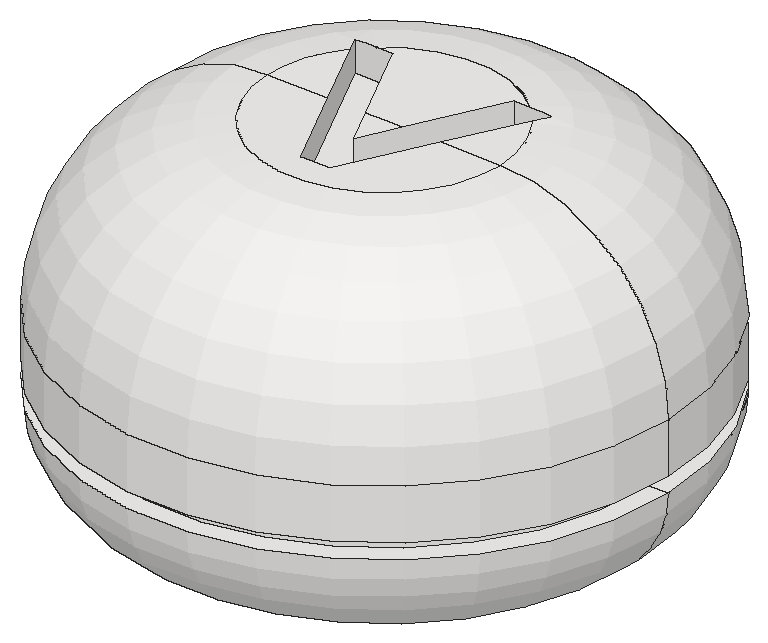
Revit family "Sensor-Lutron-Daylight-EcoSystem-EC-DIR-WH", category Lighting Devices, host Face, Revit 2017
Family settings
  Host = Face
  Maintain Annotation Orientation = No
  Round Connector Dimension = Use Diameter
  Part Type = Normal
  OmniClass Number = 23.85.80.11.27
  OmniClass Title = Lighting Controls
  Cut with Voids When Loaded = No
  Shared = No
  Room Calculation Point = No
Parameters (values of type "EC-DIR-WH")
  Warranty URL = "http://www.lutron.com/en-US/Service-Support/Pages/Service/Warranty/Warranty.aspx"
  Voltage Comments = "0-20VDC"
  Video Link = "https://www.youtube.com/user/LutronElectronicsInc"
  Version = "2017 - v1.0b"  # constant formula
  URL = "http://www.lutron.com"
  Type Comments = ""
  Support Phone = "(224) 699-9545"  # constant formula
  Support Email = "mailto: support@anguleris.com"
  Series = "EcoSystem"  # constant formula
  Product Page URL = "http://www.lutron.com/en-US/Products/Pages/WholeBuildingSystems/Quantum/Overview.aspx"
  Product Name = "Daylight Sensor"
  Product Documentation Link = "http://www.lutron.com/TechnicalDocumentLibrary/EC-DIR-WH.pdf"
  Performance URL = "http://www.lutron.com/en-US/Service-Support/Pages/Technical/PerfomanceSpecs.aspx"
  Nominal Width = 0' - 1 23/128"  # constant formula
  Nominal Length = 0' - 1 23/128"  # constant formula
  Nominal Height = 0' - 0 177/256"  # constant formula
  Model = "EC-DIR-WH"
  Material = Plastic-Lutron-White-Gloss
  Manufacturer Phone Number = "610-282-3800"  # constant formula
  Manufacturer Fax Number = "610-282-1243"  # constant formula
  Manufacturer Email = "mailto:support@lutron.com"
  Manufacturer Address = "7200 Suter Rd, Coopersburg, PA 18036"  # constant formula
  Manufacturer = "Lutron Electronics Co., Inc"  # constant formula
  Label [instance] = "DS"
  Keynote = ""
  Instruction Sheet Link = "http://www.lutron.com/TechnicalDocumentLibrary/031-287A.pdf"
  Description = "Daylight Sensor"
  Default Elevation = 0' - 0"
  Cost Info = "mailto:sales@lutron.com"
  Cost = 0
  Copyright = "© 2019 Lutron Electronics Co., Inc."  # constant formula
  Assembly Code = "D5030800"
  Arrow Visibility [instance] = yes
Reference planes (in)
  plane 1 "Center (Front/Back)": y = 0
  plane 2: z = 0
  plane 3 "Center (Left/Right)": x = 0
  plane 4: x = 0.58984
  plane 5: x = -0.58984
  plane 6: y = 0.58984
  plane 7: y = -0.58984
  plane 8: z = 0.69141
Forms (in)
  Revolve 1, solid, material "Plastic-Lutron-White-Gloss" <- "Material"
    sketch origin (0.00921, 0, -0.00391) x (1, 0, 0) y (0, 0, -1)
      loop
        line (-0.59905, -0.20911) -> (-0.55829, -0.20911) -> (-0.55829, -0.24066) -> (-0.59905, -0.24066) -> (-0.59905, -0.34626)
        arc (-0.59905, -0.34626) -> (-0.49682, -0.59308) -> (-0.25, -0.69531) r 0.34905
        line (-0.25, -0.69531) -> (-0.00921, -0.69531) -> (-0.00921, -0.00391) -> (-0.38998, -0.00391)
        arc (-0.38998, -0.00391) -> (-0.53645, -0.06378) -> (-0.59905, -0.20911) r 0.20911
      axis (-0.00921, -0.69531) -> (-0.00921, -0.00391)
    angle from 0 to 360
  Extrusion 2, void
    sketch origin (0.01214, -0.02315, 0.75379) x (-1, 0, 0) y (0, -1, 0)
      loop
        line (0.21566, -0.20227) -> (0.04157, 0.15596) -> (-0.01728, 0.15596) -> (-0.19138, -0.20227) -> (-0.1132, -0.20227) -> (0.01214, 0.05564) -> (0.13749, -0.20227) -> (0.21566, -0.20227)
    from 0.00011 to -0.12489
Cuts and joins
  Extrusion 2 cuts Revolve 1
Lines and regions (in)
  symbolic lines, detail levels fine
    curve 1: circle (0, 0, 0) r 0.58984 normal (0, 0, 1)
    curve 2: line (-0.20352, -0.17911, 0) -> (-0.12534, -0.17911, 0)
    curve 3: line (-0.12534, -0.17911, 0) -> (0, 0.0788, 0)
    curve 4: line (0, 0.0788, 0) -> (0.12534, -0.17911, 0)
    curve 5: line (0.12534, -0.17911, 0) -> (0.20352, -0.17911, 0)
    curve 6: line (0.20352, -0.17911, 0) -> (0.02942, 0.17911, 0)
    curve 7: line (0.02942, 0.17911, 0) -> (-0.02942, 0.17911, 0)
    curve 8: line (-0.02942, 0.17911, 0) -> (-0.20352, -0.17911, 0)
Dimensions and locks (in)
  equal spacing: plane 5, plane 3 "Center (Left/Right)", plane 4
  "Nominal Width": plane 5 to plane 4
  equal spacing: plane 6, plane 1 "Center (Front/Back)", plane 7
  "Nominal Length": plane 6 to plane 7
  Revolve 1 sketch curve to Revolve 1 sketch curve to plane 2 = 0' - 0.03154" locked, 0' - 0.20521" locked
  locked: Revolve 1 sketch curve to plane 5 at 0.04077
  equal spacing: Extrusion 2 sketch curve, plane 1 "Center (Front/Back)", Extrusion 2 sketch curve
  locked: Extrusion 2 sketch curve to Extrusion 2 sketch curve at 0.07031  (x2)
  locked: Extrusion 2 sketch curve to Extrusion 2 sketch curve at 0.35823
  "Nominal Height": plane 8 to plane 2
  locked: cut or joined group of Revolve 1, Extrusion 2 to cut or joined group of Revolve 1, Extrusion 2 at 0.125
  locked: cut or joined group of Revolve 1, Extrusion 2 to plane 8 at 0.0625
  locked: plane 3 "Center (Left/Right)" to curve 1 at 0
  locked: plane 1 "Center (Front/Back)" to curve 1 at 0
  equal spacing: curve 2, plane 1 "Center (Front/Back)", curve 7
  locked: curve 7 to curve 2 at 0.35823
  equal spacing: curve 8, plane 3 "Center (Left/Right)", curve 7
  locked: curve 8 to curve 7 at 0.05885
  locked: curve 8 to curve 3 at 0.07031
  locked: curve 4 to curve 6 at 0.07031
  locked: plane 1 "Center (Front/Back)" to curve 4 at 0.0788
  curve 8 to curve 3 to curve 5 to curve 6 = 0' - 0.07818" locked, 0' - 0.25069" locked, 0' - 0.07818" locked
  radius of Revolve 1 sketch curve = 0' - 0.20911"
  radius of Revolve 1 sketch curve = 0' - 0.34905"
  radius of curve 1 = 0' - 0 151/256"
  aligned and locked: plane 2 to host face
  aligned and locked: level to host face
  aligned and locked: plane 3 "Center (Left/Right)" to Revolve 1 sketch curve
  aligned and locked: Revolve 1 sketch curve to plane 3 "Center (Left/Right)"
  aligned and locked: Revolve 1 sketch curve to plane 8
  aligned and locked: Revolve 1 sketch curve to plane 2
  aligned and locked: plane 5 to Revolve 1 sketch curve  (x2)
  aligned and locked: Extrusion 2 sketch curve to Extrusion 2 sketch curve
  aligned and locked: plane 3 "Center (Left/Right)" to Extrusion 2 sketch curve
  aligned and locked: curve 2 to curve 5
  aligned and locked: plane 1 "Center (Front/Back)" to Revolve 1 sketch curve
  aligned and locked: plane 3 "Center (Left/Right)" to nested 1
  aligned and locked: plane 1 "Center (Front/Back)" to nested 1
Automatic sketch dimensions
  host sketch curve to host sketch curve = 8' - 0"  (x2)
  Extrusion 2 sketch curve to plane 3 "Center (Left/Right)" = 0' - 0.02942"
  plane 3 "Center (Left/Right)" to Extrusion 2 sketch curve = 0' - 0.02942"
  Extrusion 2 sketch curve to Extrusion 2 sketch curve = 0' - 0.07818"
  Revolve 1 sketch curve to plane 8 = 0' - 0.04668"
  Revolve 1 sketch curve to Revolve 1 sketch curve = 0' - 0.12798"
Nested families (in)
  nested 1: "Ceiling Daylight Sensor" at (0, 0, 0), type "Occupancy Sensor Symbol", detail levels coarse+medium
Connectors (in)
  electrical at (0, 0, 0.23675)
    settings: on cut or joined group of Revolve 1, Extrusion 2, index 1, voltage 0 V, apparent load 0 VA, apparent load phase1 0 VA, apparent load phase2 0 VA, apparent load phase3 0 VA, power factor 1, load classification "Other", number of poles 1, system type 13, power factor state 1, is connector primary yes, connector utility no, sub classification motor no, connector description "Lighting Control Connection"
Definition of nested family "Ceiling Daylight Sensor"
  Parameters
    Label = "DS"
  Reference planes (in)
    plane 1: y = 0
    plane 2: x = 0
  Lines and regions (in)
    detail lines
      curve 1: circle (0, 0, 0) r 0.10882 normal (0, 0, 1)
      curve 2: line (0, 0.16174, 0) -> (-0.14007, 0.08087, 0)
      curve 3: line (0, 0.16174, 0) -> (0.14007, 0.08087, 0)
  Text (in)
    label "DS" at (0.00083, -0.00368, 0), shows "Label"
  Dimensions and locks (in)
    locked: curve 1 to plane 1
    locked: plane 2 to curve 1
